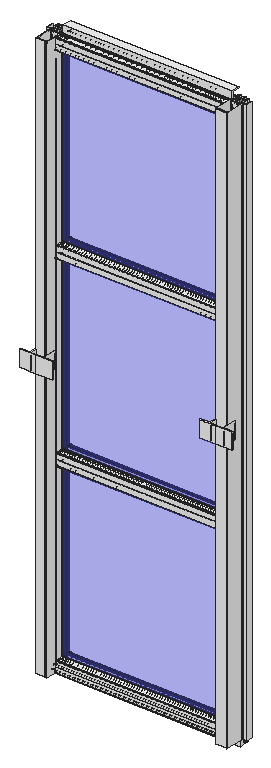
Revit family "Facade_60_Curtain_Wall_I13_Custom", category Windows, host Wall, Revit 2014
Parameters (values of type "F60-I13-Custom")
  Windload Design [instance] = if(Custom Windload < 1001 mm, 1000 mm, if(Custom Windload < 1501 mm, 1500 mm, 2000 mm))  # 1000 mm
  Width [instance] = if(Custom Curtain Wall Width < Limit Door Width Min, Limit Door Width Min, if(Custom Curtain Wall Width > Limit Door Width Max, Limit Door Width Max, Custom Curtain Wall Width))  # 1000 mm
  Wall Thickness [instance] = 200 mm
  Vertical Profile Length [instance] = Height - Frame Bottom Gap  # 2970 mm
  URL = "http://www.crealco.co.za/crealco-products.php"
  Type Comments = ""
  Thermal Resistance (R) [instance] = if(IGDB or SAGDB Number = 100100, 1.0000 (m²·K)/W / Intruderprufe U Value, if(IGDB or SAGDB Number = 100100, 1.0000 (m²·K)/W / Intruderprufe U Value, if(IGDB or SAGDB Number = 105003, 1.0000 (m²·K)/W / Intruderprufe Insulated U Value, if(IGDB or SAGDB Number = 105004, 1.0000 (m²·K)/W / Intruderprufe Insulated LowE U Value, 1.0000 (m²·K)/W / 7.9)))) * 1  # 0.126582 (m²·K)/W
  Thermal Break Material = Plastic, Opaque Black
  Solar Heat Gain Coefficient [instance] = if(IGDB or SAGDB Number = 100100, Intruderprufe SHGC Value, if(IGDB or SAGDB Number = 103200, Intruderprufe LowE SHGC Value, if(IGDB or SAGDB Number = 105003, Intruderprufe Insulated SHGC Value, if(IGDB or SAGDB Number = 105004, Intruderprufe Insulated LowE SHGC Value, 0))))  # 0
  Single Glazing [instance] = if(DG Forced, 1 = 0, not(Double Glazing))  # no
  Sill Height = 85 mm  # constant formula
  SG Forced [instance] = not(DG Forced)  # no
  Quarter Expansion Break = no
  Overall Width [instance] = 1000 mm
  Overall Height [instance] = 3000 mm
  Mullion Configuration = 1 mm  # constant formula
  Model = "Facade 60"
  Transom Vertical Spacing [instance] = (Height - Frame Bottom Gap - (4 mm * 60)) / 3  # 910 mm
  Mid Glazing Bottom Gap [instance] = Frame Bottom Gap + 60 mm + Transom Vertical Spacing + 39.8 mm  # 1039.8 mm
  Max System DG Unit Thickness = 25 mm  # constant formula
  Max System DG One Piece Thickness [instance] = rounddown((Max System DG Unit Thickness - DG Gasket Thickness) / 2 mm) * 1 mm  # 6 mm
  Max Pane Area [instance] = Glazing Width * Glazing Height  # 0.874748 m²
  Manufacturer = "Crealco"
  Limit Door Width Min = Limit Panel Width Min + (2 * Glazing Side Gap)  # 379.6 mm
  Limit Door Width Max = Limit Panel Width Max + (2 * Glazing Side Gap)  # 3079.6 mm
  Limit Door Height Min = (3 * Limit Panel Height Min) + 69.8 mm + (2 mm * 19.6) + 39.8 mm  # 1048.8 mm
  Limit Door Height Max = (3 * Limit Panel Height Max) + 69.8 mm + (2 mm * 19.6) + 39.8 mm  # 18148.8 mm
  Limit Panel Width Min = 300 mm  # constant formula
  Limit Panel Width Max = 3000 mm  # constant formula
  Limit Panel Height Min = 300 mm  # constant formula
  Limit Panel Height Max = 6000 mm  # constant formula
  Sill Length [instance] = Width  # 1000 mm
  Length Sill [instance] = Width  # 1000 mm
  Keynote = ""
  Jamb Width = 60 mm  # constant formula
  Intruderprufe U Value = 0
  Intruderprufe SHGC Value = 0
  Intruderprufe LowE U Value = 0
  Intruderprufe LowE SHGC Value = 0
  Intruderprufe Insulated U Value = 0
  Intruderprufe Insulated SHGC Value = 0
  Intruderprufe Insulated LowE U Value = 0
  Intruderprufe Insulated LowE SHGC Value = 0
  Horizontal Profile Length [instance] = Width - (2 * Jamb Width)  # 880 mm
  Half Expansion Break = no
  Glazing Width [instance] = Horizontal Profile Length + (2 mm * 20.2)  # 920.4 mm
  Glazing Top Gap = 39.8 mm  # constant formula
  Glazing Side Gap = 39.8 mm  # constant formula
  Glazing Height [instance] = (Height - Glazing Top Gap - Glazing Bottom Gap - (2 * (60 mm - 20.2 mm - 20.2 mm))) / 3  # 950.4 mm
  Glazing Gap SG [instance] = (14 mm - SG Thickness) / 2  # 5 mm
  Glazing Gap DG [instance] = (28 mm - (DG Thickness + DG Thickness + DG Gasket Thickness)) / 2  # 4 mm
  Glazing Bottom Gap = 69.8 mm  # constant formula
  Frame Thickness = 101.8 mm  # constant formula
  Frame Bottom Gap = 30 mm  # constant formula
  Door Leaf Height [instance] = 2050 mm
  Double Glazing [instance] = yes
  DG Thickness Calc [instance] = if(not(Max Pane Area > 1.125 m²), 4 mm, if(not(Max Pane Area > 2.25 m²), 4 mm, if(not(Max Pane Area > 3.15 m²), 5 mm, if(not(Max Pane Area > 4.35 m²), 6 mm, if(not(Max Pane Area > 6.45 m²), 8 mm, 10 mm)))))  # 4 mm
  DG Thickness [instance] = if(IGDB or SAGDB Number = 105003, 6 mm, if(IGDB or SAGDB Number = 105004, 7 mm, if(DG Thickness Calc > Max System DG One Piece Thickness, Max System DG One Piece Thickness, DG Thickness Calc)))  # 4 mm
  DG Gasket Thickness = 12 mm  # constant formula
  DG Gasket Finish [instance] = Double Glazing Gasket Material
  DG Forced [instance] = if(IGDB or SAGDB Number = 100100, 1 = 0, if(IGDB or SAGDB Number = 103200, 1 = 0, if(IGDB or SAGDB Number = 105003, 1 = 1, if(IGDB or SAGDB Number = 105004, 1 = 1, Double Glazing))))  # yes
  IGDB or SAGDB Number [instance] = 0
  Height [instance] = if(Custom Curtain Wall Height < Limit Door Height Min, Limit Door Height Min, if(Custom Curtain Wall Height > Limit Door Height Max, Limit Door Height Max, Custom Curtain Wall Height))  # 3000 mm
  Heat Transfer Coefficient (U) [instance] = if(IGDB or SAGDB Number = 100100, Intruderprufe U Value, if(IGDB or SAGDB Number = 103200, Intruderprufe LowE U Value, if(IGDB or SAGDB Number = 105003, Intruderprufe Insulated U Value, if(IGDB or SAGDB Number = 105004, Intruderprufe Insulated LowE U Value, 7.9)))) * 1.0000 W/(m²·K)  # 7.9000 W/(m²·K)
  SG Thickness [instance] = if(IGDB or SAGDB Number = 100100, 6 mm, if(IGDB or SAGDB Number = 103200, 7 mm, if(not(Max Pane Area > 0.75 m²), 4 mm, if(not(Max Pane Area > 1.50 m²), 4 mm, if(not(Max Pane Area > 2.10 m²), 5 mm, if(not(Max Pane Area > 2.90 m²), 6.4 mm, if(not(Max Pane Area > 4.30 m²), 8 mm, 10 mm)))))))  # 4 mm
  Glazing Material [instance] = if(IGDB or SAGDB Number = 100100, "PFG INTRUDERPRUFE 6.38mm", if(IGDB or SAGDB Number = 103200, "PFG INTRUDERPRUFE LOW-E 7.38mm", if(IGDB or SAGDB Number = 105003, "PFG 25mm INTRUDERPRUFE INSULATED GLASS", if(IGDB or SAGDB Number = 105004, "PFG 25mm INTRUDERPRUFE INSULATED GLASS LOW-E", "Unknown"))))  # "Unknown"
  Glazing Finish [instance] = Glass
  Glazing Code [instance] = if(IGDB or SAGDB Number = 100100, "LAM01", if(IGDB or SAGDB Number = 103200, "LAM01E", if(IGDB or SAGDB Number = 105003, "IGU25", if(IGDB or SAGDB Number = 105004, "IGU25E", "Unknown"))))  # "Unknown"
  Frame Offset [instance] = if([100mm Mullion], 130 mm, if([160mm Mullion], 160 mm, 190 mm))  # 130 mm
  Description = "Curtain Wall, I13"
  Default Sill Height = 0 mm
  Wall Closure = By host
  Custom Curtain Wall Width [instance] = 1000 mm
  Custom Curtain Wall Height [instance] = 3000 mm
  Custom Windload [instance] = 1000 mm
  Custom Anchor Height [instance] = 0 mm
  Anchor Height [instance] = if(or(Custom Anchor Height < 42.5 mm, Custom Anchor Height > (Height - 42.5 mm)), (Height / 2) - 42.5 mm, Custom Anchor Height - 42.5 mm)  # 1457.5 mm
  Aluminium Finish [instance] = White Powder Coated Aluminium ANP 1052
  All Available Glazing Numbers [instance] = "The rows below list the available glazing materials for this window:"  # constant formula
  190mm Mullion = if(Mullion Configuration = 3 mm, 1 = 1, 1 = 0)  # no
  160mm Mullion = if(Mullion Configuration = 2 mm, 1 = 1, 1 = 0)  # no
  105004 [instance] = "IGU25E"  # constant formula
  105003 [instance] = "IGU25"  # constant formula
  103200 [instance] = "LAM01E"  # constant formula
  100mm Mullion = if(or(Mullion Configuration = 2 mm, Mullion Configuration = 3 mm), 1 = 0, 1 = 1)  # yes
  100100 [instance] = "LAM01"  # constant formula
Reference planes
  plane 1 "Center (Front/Back)": y = 0
  plane 2 "Center (Left/Right)": x = 0
  plane 3 "Left": x = -500
  plane 4 "Right": x = 500
  plane 5 "Sill": z = 0
  plane 6 "Head": z = 3000
  plane 7 "Exterior": y = 100
  plane 8 "Interior": y = -100
Lines and regions (mm)
  Opening 1
    outline origin (3507.082, -100, 0) x (1, 0, 0) y (0, 0, 1)
      loop
        line (-3007.082, 0) -> (-3007.082, 3000) -> (-4007.082, 3000) -> (-4007.082, 0) -> (-3007.082, 0)
Text (mm)
  text "EXTERIOR" at (-1963.203, 1332.353, 0), in view "Ref. Level"
  text "INTERIOR" at (-1981.466, -818.386, 0), in view "Ref. Level"
  text "Exterior" at (0, 923.751, 2943.296), in view "Right"
  text "Exterior" at (0, 1040.484, 2685.409), in view "Left"
Dimensions and locks
  equal spacing: plane 3 "Left", plane 2 "Center (Left/Right)", plane 4 "Right"
  "Width": plane 3 "Left" to plane 4 "Right"
  "Height": plane 5 "Sill" to plane 6 "Head"
  "Default Sill Height": plane 5 "Sill" to level
  locked: plane 7 "Exterior" to host wall at 0
  locked: plane 8 "Interior" to host wall
  "Overall Height": plane 6 "Head" to plane 5 "Sill"
  "Overall Width": plane 3 "Left" to plane 4 "Right"
  "Wall Thickness": host wall to host wall
  "Jamb Width": nested 3 to plane 4 "Right"
  "Jamb Width": nested 5 to plane 4 "Right"
  "Frame Bottom Gap": nested 5 to level
  "Glazing Side Gap": nested 6 to plane 4 "Right"
  "Glazing Top Gap": nested 6 to plane 6 "Head"
  "Glazing Gap SG": nested 6 to nested 1
  "Glazing Side Gap": nested 7 to plane 4 "Right"
  "Glazing Top Gap": nested 7 to plane 6 "Head"
  "Glazing Gap DG": nested 7 to nested 1
  "Jamb Width": nested 8 to plane 4 "Right"
  "Glazing Side Gap": nested 9 to plane 4 "Right"
  "Glazing Side Gap": nested 10 to plane 4 "Right"
  "Glazing Gap SG": nested 10 to nested 1
  "Glazing Gap DG": nested 9 to nested 1
  "Glazing Bottom Gap": nested 9 to level
  "Glazing Bottom Gap": nested 10 to level
  locked: nested 1 to nested 5 at 8.887
  "Transom Vertical Spacing": nested 8 to nested 5
  "Jamb Width": nested 11 to plane 4 "Right"
  "Transom Vertical Spacing": nested 11 to nested 8
  "Glazing Side Gap": nested 12 to plane 4 "Right"
  "Glazing Side Gap": nested 13 to plane 4 "Right"
  "Glazing Gap SG": nested 13 to nested 1
  "Glazing Gap DG": nested 12 to nested 1
  "Mid Glazing Bottom Gap": nested 12 to level
  "Mid Glazing Bottom Gap": nested 13 to level
  "Frame Offset": plane 8 "Interior" to nested 1
  "Anchor Height": nested 14 to level
  "Anchor Height": nested 15 to level
  aligned and locked: plane 4 "Right" to nested 1
  aligned and locked: nested 1 to plane 6 "Head"
  aligned and locked: plane 3 "Left" to nested 2
  aligned and locked: plane 6 "Head" to nested 2
  aligned and locked: nested 3 to plane 6 "Head"
  aligned and locked: nested 1 to nested 3
  aligned and locked: nested 4 to level
  aligned and locked: plane 4 "Right" to nested 4
  aligned and locked: nested 1 to nested 2
  aligned and locked: nested 5 to nested 4
  aligned and locked: nested 8 to nested 3
  aligned and locked: nested 11 to nested 3
  aligned and locked: plane 4 "Right" to nested 15
  aligned and locked: plane 8 "Interior" to nested 15
  aligned and locked: nested 14 to nested 2
  aligned and locked: plane 8 "Interior" to nested 14
Automatic sketch dimensions
  plane 3 "Left" to Opening 1 sketch curve = 0 mm
  plane 4 "Right" to Opening 1 sketch curve = 0 mm
  Opening 1 sketch curve to plane 5 "Sill" = 0 mm
  Opening 1 sketch curve to plane 6 "Head" = 0 mm
Nested families
  nested 1: "F60 Vertical Profile Side_I13_Cust" at (500, 35.2, 30) x (-1, 0, 0) z (0, 0, 1), Thermal Break Material <- "Thermal Break Material", Profile Material <- "Aluminium Finish", Length <- "Vertical Profile Length", Single Glazing <- "SG Forced", Double Glazing <- "DG Forced", 100mm Mullion <- "100mm Mullion", 160mm Mullion <- "160mm Mullion", 190mm Mullion <- "190mm Mullion", Quarter Expansion Break <- "Quarter Expansion Break", Half Expansion Break <- "Half Expansion Break", type "F60 Vertical Profile Side_I13_Cust"
    with Thermal Break Material Plastic, Opaque Black, Single Glazing no, Quarter SG Expansion Break no, Quarter Length 742.5 mm, Quarter Expansion Break no, Quarter DG Expansion Break no, Quarter 190mm Expansion Break no, Quarter 160mm Expansion Break no, Quarter 100mm Expansion Break no, Profile Material White Powder Coated Aluminium ANP 1052, Length 2970 mm, Half SG Expansion Break no, Half Length 1485 mm, Half Expansion Break no, Half DG Expansion Break no, Half 190mm Expansion Joint no, Half 160mm Expansion Break no, Half 100mm Expansion Break no, Double Glazing yes, 190mm Mullion no, 160mm Mullion no, 100mm Mullion yes
  nested 2: "F60 Vertical Profile Side_I13_Cust" at (-500, 35.2, 30), Thermal Break Material <- "Thermal Break Material", Profile Material <- "Aluminium Finish", Length <- "Vertical Profile Length", Single Glazing <- "SG Forced", Double Glazing <- "DG Forced", 100mm Mullion <- "100mm Mullion", 160mm Mullion <- "160mm Mullion", 190mm Mullion <- "190mm Mullion", Quarter Expansion Break <- "Quarter Expansion Break", Half Expansion Break <- "Half Expansion Break", type "F60 Vertical Profile Side_I13_Cust"
    with Thermal Break Material Plastic, Opaque Black, Single Glazing no, Quarter SG Expansion Break no, Quarter Length 742.5 mm, Quarter Expansion Break no, Quarter DG Expansion Break no, Quarter 190mm Expansion Break no, Quarter 160mm Expansion Break no, Quarter 100mm Expansion Break no, Profile Material White Powder Coated Aluminium ANP 1052, Length 2970 mm, Half SG Expansion Break no, Half Length 1485 mm, Half Expansion Break no, Half DG Expansion Break no, Half 190mm Expansion Joint no, Half 160mm Expansion Break no, Half 100mm Expansion Break no, Double Glazing yes, 190mm Mullion no, 160mm Mullion no, 100mm Mullion yes
  nested 3: "F60 Horizontal Profile Top_I13_Cust" at (440, -14.6, 2940) x (-1, 0, 0) z (0, 0, 1), Thermal Break Material <- "Thermal Break Material", Profile Material <- "Aluminium Finish", Length <- "Horizontal Profile Length", Single Glazing <- "SG Forced", Double Glazing <- "DG Forced", type "F60 Horizontal Profile Top_I13_Cust"
    with Thermal Break Material Plastic, Opaque Black, Single Glazing no, Profile Material White Powder Coated Aluminium ANP 1052, Length 880 mm, Double Glazing yes
  nested 4: "F60 Sill_I13_Cust" at (500, 22.771, -1.88) x (-1, 0, 0) z (0, 0, 1), Profile Material <- "Aluminium Finish", Length Sill <- "Length Sill", type "F60 Sill_I13_Cust"
    with Profile Material White Powder Coated Aluminium ANP 1052, Length Sill 1000 mm
  nested 5: "F60 Horizontal Profile Bottom_I13_Cust" at (440, -14.6, 30) x (-1, 0, 0) z (0, 0, 1), Thermal Break Material <- "Thermal Break Material", Profile Material <- "Aluminium Finish", Length <- "Horizontal Profile Length", Single Glazing <- "SG Forced", Double Glazing <- "DG Forced", type "F60 Horizontal Profile Bottom_I13_Cust"
    with Thermal Break Material Plastic, Opaque Black, Single Glazing no, Profile Material White Powder Coated Aluminium ANP 1052, Length 880 mm, Double Glazing yes
  nested 6: "F60_Single_Glazing_I13_Cust" at (460.2, 44.2, 2009.8), Glazing Width <- "Glazing Width", Glazing Height <- "Glazing Height", SG Thickness <- "SG Thickness", Glazing Finish <- "Glazing Finish", visible <- "SG Forced", type "F60_Single_Glazing_I13_Cust"
    with SG Thickness 4 mm, Glazing Width 920.4 mm, Glazing Height 950.4 mm, Glazing Finish Glass
  nested 7: "F60_Double_Glazing_I13_Cust" at (460.2, 59.2, 2009.8), Glazing Material <- "Glazing Finish", Double Glazing Gasket Material <- "DG Gasket Finish", Glazing Width <- "Glazing Width", Glazing Height <- "Glazing Height", Glazing Thickness DG <- "DG Thickness", Double Glazing Gasket Thickness <- "DG Gasket Thickness", visible <- "DG Forced", type "F60_Double_Glazing_I13_Cust"
    with Glazing Width 920.4 mm, Glazing Thickness DG 4 mm, Glazing Material Glass, Glazing Height 950.4 mm, Double Glazing Gasket Thickness 12 mm, Double Glazing Gasket Material Double Glazing Gasket Material
  nested 8: "F60 Horizontal Profile Middle_I13_Cust" at (440, -14.6, 1000) x (-1, 0, 0) z (0, 0, 1), Thermal Break Material <- "Thermal Break Material", Profile Material <- "Aluminium Finish", Length <- "Horizontal Profile Length", Single Glazing <- "SG Forced", Double Glazing <- "DG Forced", type "F60 Horizontal Profile Middle_I13_Cust"
    with Thermal Break Material Plastic, Opaque Black, Single Glazing no, Profile Material White Powder Coated Aluminium ANP 1052, Length 880 mm, Double Glazing yes
  nested 9: "F60_Double_Glazing_I13_Cust" at (460.2, 59.2, 69.8), Glazing Material <- "Glazing Finish", Double Glazing Gasket Material <- "DG Gasket Finish", Glazing Width <- "Glazing Width", Glazing Height <- "Glazing Height", Glazing Thickness DG <- "DG Thickness", Double Glazing Gasket Thickness <- "DG Gasket Thickness", visible <- "DG Forced", type "F60_Double_Glazing_I13_Cust"
    with Glazing Width 920.4 mm, Glazing Thickness DG 4 mm, Glazing Material Glass, Glazing Height 950.4 mm, Double Glazing Gasket Thickness 12 mm, Double Glazing Gasket Material Double Glazing Gasket Material
  nested 10: "F60_Single_Glazing_I13_Cust" at (460.2, 44.2, 69.8), Glazing Width <- "Glazing Width", Glazing Height <- "Glazing Height", SG Thickness <- "SG Thickness", Glazing Finish <- "Glazing Finish", visible <- "SG Forced", type "F60_Single_Glazing_I13_Cust"
    with SG Thickness 4 mm, Glazing Width 920.4 mm, Glazing Height 950.4 mm, Glazing Finish Glass
  nested 11: "F60 Horizontal Profile Middle_I13_Cust" at (440, -14.6, 1970) x (-1, 0, 0) z (0, 0, 1), Thermal Break Material <- "Thermal Break Material", Profile Material <- "Aluminium Finish", Length <- "Horizontal Profile Length", Single Glazing <- "SG Forced", Double Glazing <- "DG Forced", type "F60 Horizontal Profile Middle_I13_Cust"
    with Thermal Break Material Plastic, Opaque Black, Single Glazing no, Profile Material White Powder Coated Aluminium ANP 1052, Length 880 mm, Double Glazing yes
  nested 12: "F60_Double_Glazing_I13_Cust" at (460.2, 59.2, 1039.8), Glazing Material <- "Glazing Finish", Double Glazing Gasket Material <- "DG Gasket Finish", Glazing Width <- "Glazing Width", Glazing Height <- "Glazing Height", Glazing Thickness DG <- "DG Thickness", Double Glazing Gasket Thickness <- "DG Gasket Thickness", visible <- "DG Forced", type "F60_Double_Glazing_I13_Cust"
    with Glazing Width 920.4 mm, Glazing Thickness DG 4 mm, Glazing Material Glass, Glazing Height 950.4 mm, Double Glazing Gasket Thickness 12 mm, Double Glazing Gasket Material Double Glazing Gasket Material
  nested 13: "F60_Single_Glazing_I13_Cust" at (460.2, 44.2, 1039.8), Glazing Width <- "Glazing Width", Glazing Height <- "Glazing Height", SG Thickness <- "SG Thickness", Glazing Finish <- "Glazing Finish", visible <- "SG Forced", type "F60_Single_Glazing_I13_Cust"
    with SG Thickness 4 mm, Glazing Width 920.4 mm, Glazing Height 950.4 mm, Glazing Finish Glass
  nested 14: "F60 Intermediate Anchor_I13_Cust" at (-577.715, -189.531, 1457.5), Profile Material <- "Aluminium Finish", type "F60 Intermediate Anchor_I13_Cust"
    with Profile Material White Powder Coated Aluminium ANP 1052
  nested 15: "F60 Intermediate Anchor_I13_Cust" at (360.297, -189.531, 1457.5), Profile Material <- "Aluminium Finish", type "F60 Intermediate Anchor_I13_Cust"
    with Profile Material White Powder Coated Aluminium ANP 1052
Definition of nested family "F60 Vertical Profile Side_I13_Cust"
  Parameters (values of type "F60 Vertical Profile Side")
    Quarter SG Expansion Break [instance] = if(and(Quarter Expansion Break, Single Glazing), 1 = 1, 1 = 0)  # yes
    Quarter Length [instance] = Length / 4  # 62.5 mm
    Thermal Break Material [instance] = none
    Single Glazing [instance] = yes
    Quarter Expansion Break [instance] = yes
    Quarter DG Expansion Break [instance] = if(and(Quarter Expansion Break, Double Glazing), 1 = 1, 1 = 0)  # yes
    Quarter 190mm Expansion Break [instance] = if(and(Quarter Expansion Break, [190mm Mullion]), 1 = 1, 1 = 0)  # yes
    Quarter 160mm Expansion Break [instance] = if(and(Quarter Expansion Break, [160mm Mullion]), 1 = 1, 1 = 0)  # yes
    Quarter 100mm Expansion Break [instance] = if(and(Quarter Expansion Break, [100mm Mullion]), 1 = 1, 1 = 0)  # yes
    Profile Material [instance] = none
    Length [instance] = 250 mm
    Half SG Expansion Break [instance] = if(and(Half Expansion Break, Single Glazing), 1 = 1, 1 = 0)  # yes
    Half Length [instance] = Length / 2  # 125 mm
    Half Expansion Break [instance] = yes
    Half DG Expansion Break [instance] = if(and(Half Expansion Break, Double Glazing), 1 = 1, 1 = 0)  # yes
    Half 190mm Expansion Joint [instance] = if(and(Half Expansion Break, [190mm Mullion]), 1 = 1, 1 = 0)  # yes
    Half 160mm Expansion Break [instance] = if(and(Half Expansion Break, [160mm Mullion]), 1 = 1, 1 = 0)  # yes
    Half 100mm Expansion Break [instance] = if(and(Half Expansion Break, [100mm Mullion]), 1 = 1, 1 = 0)  # yes
    Double Glazing [instance] = yes
    190mm Mullion [instance] = yes
    160mm Mullion [instance] = yes
    100mm Mullion [instance] = yes
  Reference planes
    plane 1 "Center (Front/Back)": y = 0
    plane 2: z = 0
    plane 3 "Center (Left/Right)": x = 0
  Forms (mm)
    Extrusion 1, solid, material <- "Profile Material"
      sketch origin (0, 0, 0) x (1, 0, 0) y (0, 1, 0)
        loop
          arc (25.249, -8.7) -> (25.484, -9.266) -> (26.049, -9.5) r 0.8
          line (26.049, -9.5) -> (27.1, -9.5) -> (27.1, 7) -> (32.902, 7) -> (32.902, -9.5) -> (33.951, -9.5)
          arc (33.951, -9.5) -> (34.516, -9.266) -> (34.751, -8.7) r 0.8
          line (34.751, -8.7) -> (34.751, 6.2)
          arc (34.751, 6.2) -> (34.985, 6.766) -> (35.551, 7) r 0.8
          line (35.551, 7) -> (52.1, 7) -> (52.1, 5.4) -> (50.55, 5.4) -> (50.55, 4.55)
          arc (50.55, 4.55) -> (50.726, 4.126) -> (51.15, 3.95) r 0.6
          line (51.15, 3.95) -> (52.1, 3.95) -> (52.1, 1)
          arc (52.1, 1) -> (51.6, 0.5) -> (52.1, 0) r 0.5
          line (52.1, 0) -> (54.45, 0) -> (54.45, 1.15) -> (53.3, 1.15) -> (53.3, 2.45) -> (58.8, 2.45) -> (58.8, 1.15) -> (57.65, 1.15) -> (57.65, 0) -> (59.5, 0)
          arc (59.5, 0) -> (59.854, 0.146) -> (60, 0.5) r 0.5
          line (60, 0.5) -> (60, 3.9) -> (53.55, 3.9) -> (53.55, 7.6)
          arc (53.55, 7.6) -> (53.316, 8.166) -> (52.75, 8.4) r 0.8
          line (52.75, 8.4) -> (30, 8.4) -> (7.25, 8.4)
          arc (7.25, 8.4) -> (6.684, 8.166) -> (6.45, 7.6) r 0.8
          line (6.45, 7.6) -> (6.45, 3.9) -> (0, 3.9) -> (0, 0.5)
          arc (0, 0.5) -> (0.146, 0.146) -> (0.5, 0) r 0.5
          line (0.5, 0) -> (2.35, 0) -> (2.35, 1.15) -> (1.2, 1.15) -> (1.2, 2.45) -> (6.7, 2.45) -> (6.7, 1.15) -> (5.55, 1.15) -> (5.55, 0) -> (7.9, 0)
          arc (7.9, 0) -> (8.4, 0.5) -> (7.9, 1) r 0.5
          line (7.9, 1) -> (7.9, 3.95) -> (8.85, 3.95)
          arc (8.85, 3.95) -> (9.274, 4.126) -> (9.45, 4.55) r 0.6
          line (9.45, 4.55) -> (9.45, 5.4) -> (7.9, 5.4) -> (7.9, 7) -> (24.449, 7)
          arc (24.449, 7) -> (25.015, 6.766) -> (25.249, 6.2) r 0.8
          line (25.249, 6.2) -> (25.249, -8.7)
      from 0 to 250 <- "Length"
    Extrusion 2, solid, material <- "Thermal Break Material"
      sketch origin (0, 0, 0) x (1, 0, 0) y (0, 1, 0)
        loop
          line (1.75, 9.8) -> (1.75, 5.2) -> (0, 5.2) -> (0, 3.9) -> (6.35, 3.9) -> (6.35, 7.856)
          arc (6.35, 7.856) -> (6.526, 8.281) -> (6.95, 8.456) r 0.6
          line (6.95, 8.456) -> (30, 8.456) -> (53.05, 8.456)
          arc (53.05, 8.456) -> (53.474, 8.281) -> (53.65, 7.856) r 0.6
          line (53.65, 7.856) -> (53.65, 3.9) -> (60, 3.9) -> (60, 5.2) -> (58.25, 5.2) -> (58.25, 9.8) -> (30, 9.8) -> (1.75, 9.8)
      from 0 to 250 <- "Length"
    Extrusion 3, solid, material <- "Thermal Break Material", visible <- "Single Glazing"
      sketch origin (0, 0, 0) x (1, 0, 0) y (0, 1, 0)
        loop
          line (25.749, -14.011) -> (27.672, -14.011) -> (28.481, -12.611) -> (31.518, -12.611) -> (32.327, -14.011) -> (34.249, -14.011)
          arc (34.249, -14.011) -> (34.603, -13.864) -> (34.749, -13.511) r 0.5
          line (34.749, -13.511) -> (34.749, -10.011)
          arc (34.749, -10.011) -> (34.603, -9.657) -> (34.249, -9.511) r 0.5
          line (34.249, -9.511) -> (32.352, -9.511) -> (32.352, 0.19) -> (31.349, 2.261)
          arc (31.349, 2.261) -> (29.999, 2.986) -> (28.649, 2.261) r 1.62
          line (28.649, 2.261) -> (27.647, 0.19) -> (27.647, -9.511) -> (25.749, -9.511)
          arc (25.749, -9.511) -> (25.396, -9.657) -> (25.249, -10.011) r 0.5
          line (25.249, -10.011) -> (25.249, -13.511)
          arc (25.249, -13.511) -> (25.396, -13.864) -> (25.749, -14.011) r 0.5
        loop
          line (28.504, -10.005) -> (28.504, -10.861)
          arc (28.504, -10.861) -> (28.651, -11.214) -> (29.004, -11.361) r 0.5
          line (29.004, -11.361) -> (30.994, -11.361)
          arc (30.994, -11.361) -> (31.348, -11.214) -> (31.494, -10.861) r 0.5
          line (31.494, -10.861) -> (31.494, -10.005) -> (30.708, -9.219)
          arc (30.708, -9.219) -> (30.383, -9.001) -> (29.999, -8.924) r 1.007
          arc (29.999, -8.924) -> (29.616, -8.999) -> (29.292, -9.217) r 0.986
          line (29.292, -9.217) -> (28.504, -10.005)
        loop
          arc (30.896, 1.935) -> (29.887, 2.44) -> (29.005, 1.735) r 1.047
          line (29.005, 1.735) -> (28.347, 0.374) -> (28.347, -6.993)
          arc (28.347, -6.993) -> (28.583, -7.417) -> (29.068, -7.441) r 0.5
          arc (29.068, -7.441) -> (29.999, -7.223) -> (30.93, -7.441) r 2.099
          arc (30.93, -7.441) -> (31.416, -7.417) -> (31.652, -6.993) r 0.5
          line (31.652, -6.993) -> (31.652, 0.374) -> (30.896, 1.935)
      from 0 to 250 <- "Length"
    Extrusion 4, solid, material <- "Profile Material", visible <- "Single Glazing"
      sketch origin (0, 0, 0) x (1, 0, 0) y (0, 1, 0)
        loop
          line (52.693, -14.011) -> (32.327, -14.011) -> (31.519, -12.611) -> (28.481, -12.611) -> (27.673, -14.011) -> (7.307, -14.011) -> (7.307, -15.011) -> (8.457, -15.011) -> (8.457, -16.261) -> (2.957, -16.261) -> (2.957, -15.011) -> (4.107, -15.011) -> (4.107, -14.011) -> (1.707, -14.011)
          arc (1.707, -14.011) -> (1.199, -14.293) -> (1.168, -14.873) r 0.6
          line (1.168, -14.873) -> (2.093, -16.772) -> (1.015, -17.298) -> (1.484, -18.261) -> (11.488, -18.261)
          arc (11.488, -18.261) -> (11.913, -18.085) -> (12.088, -17.661) r 0.6
          line (12.088, -17.661) -> (12.088, -16.811) -> (47.912, -16.811) -> (47.912, -17.661)
          arc (47.912, -17.661) -> (48.088, -18.085) -> (48.512, -18.261) r 0.6
          line (48.512, -18.261) -> (58.518, -18.261) -> (58.987, -17.298) -> (57.908, -16.772) -> (58.834, -14.874)
          arc (58.834, -14.874) -> (58.802, -14.293) -> (58.293, -14.011) r 0.6
          line (58.293, -14.011) -> (55.893, -14.011) -> (55.893, -15.011) -> (57.043, -15.011) -> (57.043, -16.261) -> (51.543, -16.261) -> (51.543, -15.011) -> (52.693, -15.011) -> (52.693, -14.011)
      from 0 to 250 <- "Length"
    Extrusion 5, solid, material <- "Profile Material", visible <- "Single Glazing"
      sketch origin (0, 0, 0) x (1, 0, 0) y (0, 1, 0)
        loop
          line (2.801, -18.261) -> (1.484, -18.261) -> (1.015, -17.298) -> (2.093, -16.772) -> (0.779, -14.076)
          arc (0.779, -14.076) -> (0.239, -14.21) -> (0.001, -14.713) r 0.65
          line (0.001, -14.713) -> (0.001, -28.068)
          arc (0.001, -28.068) -> (1.172, -30.897) -> (4.001, -32.068) r 4
          line (4.001, -32.068) -> (30.001, -32.068) -> (56.001, -32.068)
          arc (56.001, -32.068) -> (58.829, -30.897) -> (60.001, -28.068) r 4
          line (60.001, -28.068) -> (60.001, -14.713)
          arc (60.001, -14.713) -> (59.763, -14.21) -> (59.223, -14.076) r 0.65
          line (59.223, -14.076) -> (57.908, -16.772) -> (58.987, -17.298) -> (58.518, -18.261) -> (57.201, -18.261)
          arc (57.201, -18.261) -> (56.83, -18.425) -> (56.703, -18.811) r 0.5
          arc (56.703, -18.811) -> (56.83, -19.196) -> (57.201, -19.361) r 0.5
          line (57.201, -19.361) -> (58.951, -19.361) -> (58.951, -27.968)
          arc (58.951, -27.968) -> (58.131, -29.948) -> (56.151, -30.768) r 2.8
          line (56.151, -30.768) -> (30.001, -30.768) -> (3.851, -30.768)
          arc (3.851, -30.768) -> (1.871, -29.948) -> (1.051, -27.968) r 2.8
          line (1.051, -27.968) -> (1.051, -19.361) -> (2.801, -19.361)
          arc (2.801, -19.361) -> (3.172, -19.196) -> (3.298, -18.811) r 0.5
          arc (3.298, -18.811) -> (3.172, -18.425) -> (2.801, -18.261) r 0.5
      from 0 to 250 <- "Length"
    Extrusion 6, solid, material <- "Profile Material", visible <- "100mm Mullion"
      sketch origin (0, 0, 0) x (1, 0, 0) y (0, 1, 0)
        loop
          line (14.02, 13) -> (45.98, 13)
          arc (45.98, 13) -> (46.539, 12.842) -> (46.917, 12.4) r 1
          arc (46.917, 12.4) -> (47.285, 11.963) -> (47.833, 11.8) r 1
          line (47.833, 11.8) -> (58.15, 11.8) -> (58.15, 96.3) -> (47.833, 96.3)
          arc (47.833, 96.3) -> (47.285, 96.137) -> (46.917, 95.7) r 1
          arc (46.917, 95.7) -> (46.548, 95.263) -> (46, 95.1) r 1
          line (46, 95.1) -> (14, 95.1)
          arc (14, 95.1) -> (13.452, 95.263) -> (13.083, 95.7) r 1
          arc (13.083, 95.7) -> (12.715, 96.137) -> (12.167, 96.3) r 1
          line (12.167, 96.3) -> (1.85, 96.3) -> (1.85, 11.8) -> (12.167, 11.8)
          arc (12.167, 11.8) -> (12.715, 11.963) -> (13.083, 12.4) r 1
          arc (13.083, 12.4) -> (13.461, 12.842) -> (14.02, 13) r 1
        loop
          line (1.65, 9.856) -> (58.35, 9.856) -> (58.35, 5.2) -> (60, 5.2) -> (60, 98.8)
          arc (60, 98.8) -> (59.707, 99.507) -> (59, 99.8) r 1
          line (59, 99.8) -> (1, 99.8)
          arc (1, 99.8) -> (0.293, 99.507) -> (0, 98.8) r 1
          line (0, 98.8) -> (0, 5.2) -> (1.65, 5.2) -> (1.65, 9.856)
      from 0 to 250 <- "Length"
    Extrusion 7, solid, material <- "Profile Material", visible <- "160mm Mullion"
      sketch origin (0, 0, 0) x (1, 0, 0) y (0, 1, 0)
        loop
          arc (2.35, 15.6) -> (2.526, 15.176) -> (2.95, 15) r 0.6
          line (2.95, 15) -> (57.05, 15)
          arc (57.05, 15) -> (57.474, 15.176) -> (57.65, 15.6) r 0.6
          line (57.65, 15.6) -> (57.65, 153.7)
          arc (57.65, 153.7) -> (57.474, 154.124) -> (57.05, 154.3) r 0.6
          line (57.05, 154.3) -> (47.833, 154.3)
          arc (47.833, 154.3) -> (47.285, 154.137) -> (46.917, 153.7) r 1
          arc (46.917, 153.7) -> (46.548, 153.263) -> (46, 153.1) r 1
          line (46, 153.1) -> (14, 153.1)
          arc (14, 153.1) -> (13.452, 153.263) -> (13.083, 153.7) r 1
          arc (13.083, 153.7) -> (12.715, 154.137) -> (12.167, 154.3) r 1
          line (12.167, 154.3) -> (2.95, 154.3)
          arc (2.95, 154.3) -> (2.526, 154.124) -> (2.35, 153.7) r 0.6
          line (2.35, 153.7) -> (2.35, 15.6)
        loop
          arc (1, 159.8) -> (0.293, 159.507) -> (0, 158.8) r 1
          line (0, 158.8) -> (0, 5.2) -> (1.65, 5.2) -> (1.65, 10.013) -> (58.35, 10.013) -> (58.35, 5.2) -> (60, 5.2) -> (60, 158.8)
          arc (60, 158.8) -> (59.707, 159.507) -> (59, 159.8) r 1
          line (59, 159.8) -> (1, 159.8)
      from 0 to 250 <- "Length"
    Extrusion 8, solid, material <- "Profile Material", visible <- "190mm Mullion"
      sketch origin (0, 0, 0) x (1, 0, 0) y (0, 1, 0)
        loop
          line (57.25, 15.1) -> (57.25, 178.3)
          arc (57.25, 178.3) -> (56.957, 179.007) -> (56.25, 179.3) r 1
          line (56.25, 179.3) -> (3.75, 179.3)
          arc (3.75, 179.3) -> (3.043, 179.007) -> (2.75, 178.3) r 1
          line (2.75, 178.3) -> (2.75, 15.1)
          arc (2.75, 15.1) -> (2.984, 14.534) -> (3.55, 14.3) r 0.8
          line (3.55, 14.3) -> (56.45, 14.3)
          arc (56.45, 14.3) -> (57.016, 14.534) -> (57.25, 15.1) r 0.8
        loop
          line (60, 5.2) -> (60, 188.8)
          arc (60, 188.8) -> (59.707, 189.507) -> (59, 189.8) r 1
          line (59, 189.8) -> (1, 189.8)
          arc (1, 189.8) -> (0.293, 189.507) -> (0, 188.8) r 1
          line (0, 188.8) -> (0, 5.2) -> (1.65, 5.2) -> (1.65, 9.856) -> (58.35, 9.856) -> (58.35, 5.2) -> (60, 5.2)
      from 0 to 250 <- "Length"
    Extrusion 9, solid, material <- "Thermal Break Material", visible <- "Double Glazing"
      sketch origin (0, 0, 0) x (1, 0, 0) y (0, 1, 0)
        loop
          line (27.672, -28) -> (28.48, -26.6) -> (31.518, -26.6) -> (32.326, -28) -> (34.249, -28)
          arc (34.249, -28) -> (34.603, -27.854) -> (34.749, -27.5) r 0.5
          line (34.749, -27.5) -> (34.749, -10)
          arc (34.749, -10) -> (34.603, -9.646) -> (34.249, -9.5) r 0.5
          line (34.249, -9.5) -> (32.352, -9.5) -> (32.352, 0.198) -> (31.348, 2.272)
          arc (31.348, 2.272) -> (29.998, 2.997) -> (28.648, 2.272) r 1.62
          line (28.648, 2.272) -> (27.645, 0.201) -> (27.645, -9.5) -> (25.749, -9.5)
          arc (25.749, -9.5) -> (25.396, -9.646) -> (25.249, -10) r 0.5
          line (25.249, -10) -> (25.249, -27.5)
          arc (25.249, -27.5) -> (25.396, -27.854) -> (25.749, -28) r 0.5
          line (25.749, -28) -> (27.672, -28)
        loop
          arc (30.706, -9.206) -> (30.382, -8.99) -> (29.999, -8.913) r 1.007
          arc (29.999, -8.913) -> (29.616, -8.988) -> (29.292, -9.206) r 0.986
          line (29.292, -9.206) -> (27.142, -11.356)
          arc (27.142, -11.356) -> (26.926, -11.68) -> (26.849, -12.063) r 1
          line (26.849, -12.063) -> (26.849, -24)
          arc (26.849, -24) -> (27.142, -24.707) -> (27.849, -25) r 1
          line (27.849, -25) -> (32.149, -25)
          arc (32.149, -25) -> (32.856, -24.707) -> (33.149, -24) r 1
          line (33.149, -24) -> (33.149, -12.063)
          arc (33.149, -12.063) -> (33.073, -11.68) -> (32.856, -11.356) r 1
          line (32.856, -11.356) -> (30.706, -9.206)
        loop
          arc (28.345, -6.982) -> (28.581, -7.407) -> (29.067, -7.43) r 0.5
          arc (29.067, -7.43) -> (29.998, -7.213) -> (30.929, -7.43) r 2.099
          arc (30.929, -7.43) -> (31.414, -7.407) -> (31.651, -6.982) r 0.5
          line (31.651, -6.982) -> (31.651, 0.385) -> (30.895, 1.946)
          arc (30.895, 1.946) -> (29.885, 2.45) -> (29.004, 1.745) r 1.047
          line (29.004, 1.745) -> (28.345, 0.385) -> (28.345, -6.982)
      from 0 to 250 <- "Length"
    Extrusion 10, solid, material <- "Profile Material", visible <- "Double Glazing"
      sketch origin (0, 0, 0) x (1, 0, 0) y (0, 1, 0)
        loop
          line (52.692, -28) -> (32.327, -28) -> (31.518, -26.6) -> (28.48, -26.6) -> (27.672, -28) -> (7.306, -28) -> (7.306, -29) -> (8.456, -29) -> (8.456, -30.25) -> (2.956, -30.25) -> (2.956, -29) -> (4.106, -29) -> (4.106, -28) -> (1.706, -28)
          arc (1.706, -28) -> (1.198, -28.282) -> (1.167, -28.863) r 0.6
          line (1.167, -28.863) -> (2.093, -30.762) -> (1.014, -31.288) -> (1.483, -32.25) -> (11.488, -32.25)
          arc (11.488, -32.25) -> (11.912, -32.074) -> (12.088, -31.65) r 0.6
          line (12.088, -31.65) -> (12.088, -30.8) -> (47.911, -30.8) -> (47.911, -31.65)
          arc (47.911, -31.65) -> (48.087, -32.074) -> (48.511, -32.25) r 0.6
          line (48.511, -32.25) -> (58.517, -32.25) -> (58.986, -31.288) -> (57.907, -30.762) -> (58.833, -28.864)
          arc (58.833, -28.864) -> (58.801, -28.282) -> (58.292, -28) r 0.6
          line (58.292, -28) -> (55.892, -28) -> (55.892, -29) -> (57.042, -29) -> (57.042, -30.25) -> (51.542, -30.25) -> (51.542, -29) -> (52.692, -29) -> (52.692, -28)
      from 0 to 250 <- "Length"
    Extrusion 11, solid, material <- "Profile Material", visible <- "Double Glazing"
      sketch origin (0, 0, 0) x (1, 0, 0) y (0, 1, 0)
        loop
          line (2.8, -32.25) -> (1.483, -32.25) -> (1.014, -31.288) -> (2.093, -30.762) -> (0.778, -28.065)
          arc (0.778, -28.065) -> (0.238, -28.2) -> (0, -28.702) r 0.65
          line (0, -28.702) -> (0, -42.058)
          arc (0, -42.058) -> (1.172, -44.886) -> (4, -46.058) r 4
          line (4, -46.058) -> (30, -46.058) -> (56, -46.058)
          arc (56, -46.058) -> (58.828, -44.886) -> (60, -42.058) r 4
          line (60, -42.058) -> (60, -28.702)
          arc (60, -28.702) -> (59.762, -28.2) -> (59.222, -28.065) r 0.65
          line (59.222, -28.065) -> (57.907, -30.762) -> (58.986, -31.288) -> (58.517, -32.25) -> (57.2, -32.25)
          arc (57.2, -32.25) -> (56.829, -32.415) -> (56.703, -32.8) r 0.5
          arc (56.703, -32.8) -> (56.829, -33.185) -> (57.2, -33.35) r 0.5
          line (57.2, -33.35) -> (58.95, -33.35) -> (58.95, -41.958)
          arc (58.95, -41.958) -> (58.13, -43.938) -> (56.15, -44.758) r 2.8
          line (56.15, -44.758) -> (30, -44.758) -> (3.85, -44.758)
          arc (3.85, -44.758) -> (1.87, -43.938) -> (1.05, -41.958) r 2.8
          line (1.05, -41.958) -> (1.05, -33.35) -> (2.8, -33.35)
          arc (2.8, -33.35) -> (3.171, -33.185) -> (3.297, -32.8) r 0.5
          arc (3.297, -32.8) -> (3.171, -32.415) -> (2.8, -32.25) r 0.5
      from 0 to 250 <- "Length"
    Extrusion 12, solid, material <- "Profile Material", visible <- "Single Glazing"
      sketch origin (0, 0, 0) x (1, 0, 0) y (0, 1, 0)
        loop
          line (10.403, -10.171) -> (10.403, -3.821) -> (-21.349, -3.821) -> (-21.349, -35.567) -> (-14.999, -35.567) -> (-14.999, -10.171) -> (10.403, -10.171)
      from 0 to 250 <- "Length"
    Extrusion 13, solid, material <- "Profile Material", visible <- "Double Glazing"
      sketch origin (0, 0, 0) x (1, 0, 0) y (0, 1, 0)
        loop
          line (10.402, -7.775) -> (10.402, -1.425) -> (-21.35, -1.425) -> (-21.35, -33.172) -> (-15, -33.172) -> (-15, -7.775) -> (10.402, -7.775)
      from 0 to 250 <- "Length"
    Extrusion 14, solid, material <- "Profile Material", visible <- "Double Glazing"
      sketch origin (0, 0, 0) x (1, 0, 0) y (0, 1, 0)
        loop
          line (12, -7.775) -> (0, -7.775) -> (0, -25.775) -> (12, -25.775) -> (12, -7.775)
        loop
          line (10.8, -8.975) -> (1.2, -8.975) -> (1.2, -24.575) -> (10.8, -24.575) -> (10.8, -8.975)
      from 0 to 250 <- "Length"
  Lines and regions (mm)
    model lines, style "GenericModelHiddenLines", visible <- "Half 100mm Expansion Break"
      curve 1: line (60, 5.2, 125) -> (60, 95.2, 125)
      curve 2: line (60, 99.8, 125) -> (0, 99.8, 125)
      curve 8: line (0, 5.2, 125) -> (0, 95.2, 125)
    model lines, style "GenericModelHiddenLines", visible <- "Quarter 100mm Expansion Break"
      curve 3: line (60, 5.2, 187.5) -> (60, 95.2, 187.5)
      curve 4: line (60, 5.2, 62.5) -> (60, 95.2, 62.5)
      curve 5: line (60, 99.8, 62.5) -> (0, 99.8, 62.5)
      curve 6: line (60, 99.8, 187.5) -> (0, 99.8, 187.5)
      curve 7: line (0, 5.2, 187.5) -> (0, 95.2, 187.5)
      curve 9: line (0, 5.2, 62.5) -> (0, 95.2, 62.5)
    model lines, style "GenericModelHiddenLines", visible <- "Half SG Expansion Break"
      curve 10: line (4.107, -32.068, 125) -> (55.893, -32.068, 125)
      curve 14: line (60.001, -14.011, 125) -> (60.001, -32.068, 125)
    model lines, style "GenericModelHiddenLines", visible <- "Quarter SG Expansion Break"
      curve 11: line (4.107, -32.068, 187.5) -> (56.703, -32.068, 187.5)
      curve 12: line (4.107, -32.068, 62.5) -> (56.703, -32.068, 62.5)
      curve 13: line (60.001, -14.011, 187.5) -> (60.001, -32.068, 187.5)
      curve 15: line (60.001, -14.011, 62.5) -> (60.001, -32.068, 62.5)
    model lines, style "GenericModelHiddenLines", visible <- "Quarter 160mm Expansion Break"
      curve 16: line (0, 5.2, 187.5) -> (0, 155.2, 187.5)
      curve 18: line (0, 5.2, 62.5) -> (0, 155.2, 62.5)
      curve 19: line (0, 159.8, 187.5) -> (60, 159.8, 187.5)
      curve 21: line (0, 159.8, 62.5) -> (60, 159.8, 62.5)
      curve 22: line (60, 5.2, 187.5) -> (60, 155.2, 187.5)
      curve 24: line (60, 5.2, 62.5) -> (60, 155.2, 62.5)
    model lines, style "GenericModelHiddenLines", visible <- "Half 160mm Expansion Break"
      curve 17: line (0, 5.2, 125) -> (0, 155.2, 125)
      curve 20: line (0, 159.8, 125) -> (60, 159.8, 125)
      curve 23: line (60, 5.2, 125) -> (60, 155.2, 125)
    model lines, style "GenericModelHiddenLines", visible <- "Quarter 190mm Expansion Break"
      curve 25: line (0, 5.2, 187.5) -> (0, 185.2, 187.5)
      curve 27: line (0, 5.2, 62.5) -> (0, 185.2, 62.5)
      curve 28: line (0.779, 189.8, 187.5) -> (59.222, 189.8, 187.5)
      curve 30: line (0.779, 189.8, 62.5) -> (59.222, 189.8, 62.5)
      curve 31: line (60, 5.2, 187.5) -> (60, 185.2, 187.5)
      curve 33: line (60, 5.2, 62.5) -> (60, 185.2, 62.5)
    model lines, style "GenericModelHiddenLines", visible <- "Half 190mm Expansion Joint"
      curve 26: line (0, 5.2, 125) -> (0, 185.2, 125)
      curve 29: line (0.779, 189.8, 125) -> (59.222, 189.8, 125)
      curve 32: line (60, 5.2, 125) -> (60, 185.2, 125)
    model lines, style "GenericModelHiddenLines", visible <- "Quarter DG Expansion Break"
      curve 34: line (60, -28.065, 187.5) -> (60, -46.074, 187.5)
      curve 36: line (60, -28.065, 62.5) -> (60, -46.027, 62.5)
      curve 37: line (59.222, -46.058, 187.5) -> (0.779, -46.058, 187.5)
      curve 39: line (59.222, -46.058, 62.5) -> (0.779, -46.058, 62.5)
    model lines, style "GenericModelHiddenLines", visible <- "Half DG Expansion Break"
      curve 35: line (60, -28.065, 125) -> (60, -46.074, 125)
      curve 38: line (59.222, -46.058, 125) -> (0.779, -46.058, 125)
  Dimensions and locks
    "Half Length": curve 1 to level
    "Half Length": level to curve 2
    "Quarter Length": curve 4 to level
    "Quarter Length": Extrusion 8 to curve 3
    "Quarter Length": level to curve 5
    "Quarter Length": curve 6 to Extrusion 6
    "Quarter Length": curve 9 to level
    "Half Length": curve 8 to level
    "Quarter Length": Extrusion 8 to curve 7
    "Quarter Length": curve 12 to level
    "Half Length": curve 10 to level
    "Quarter Length": Extrusion 5 to curve 11
    "Quarter Length": curve 15 to level
    "Half Length": curve 14 to level
    "Quarter Length": Extrusion 5 to curve 13
    "Quarter Length": Extrusion 7 to curve 18
    "Half Length": Extrusion 7 to curve 17
    "Quarter Length": Extrusion 7 to curve 16
    "Quarter Length": Extrusion 7 to curve 21
    "Quarter Length": curve 19 to Extrusion 7
    "Half Length": Extrusion 7 to curve 20
    "Quarter Length": Extrusion 7 to curve 24
    "Quarter Length": Extrusion 7 to curve 22
    "Half Length": Extrusion 7 to curve 23
    "Quarter Length": Extrusion 8 to curve 27
    "Quarter Length": Extrusion 8 to curve 25
    "Half Length": Extrusion 8 to curve 26
    "Quarter Length": Extrusion 8 to curve 30
    "Quarter Length": curve 28 to Extrusion 8
    "Half Length": Extrusion 8 to curve 29
    "Quarter Length": Extrusion 8 to curve 33
    "Quarter Length": Extrusion 8 to curve 31
    "Half Length": Extrusion 8 to curve 32
    "Quarter Length": Extrusion 11 to curve 36
    "Quarter Length": Extrusion 11 to curve 34
    "Half Length": Extrusion 11 to curve 35
    "Quarter Length": Extrusion 11 to curve 37
    "Quarter Length": curve 39 to Extrusion 11
    "Half Length": curve 38 to Extrusion 11
    aligned and locked: level to plane 2
  Automatic sketch dimensions
    Extrusion 1 sketch curve to plane 3 "Center (Left/Right)" = 0 mm
    plane 1 "Center (Front/Back)" to Extrusion 1 sketch curve = 0 mm  (x4)
    plane 3 "Center (Left/Right)" to Extrusion 1 sketch curve = 0.5 mm
    Extrusion 1 sketch curve to Extrusion 1 sketch curve = 0.7 mm  (x2)
    Extrusion 1 sketch curve to Extrusion 1 sketch curve = 1.15 mm  (x4)
    Extrusion 1 sketch curve to Extrusion 1 sketch curve = 3.2 mm  (x2)
    Extrusion 1 sketch curve to Extrusion 1 sketch curve = 0.9 mm
    Extrusion 1 sketch curve to Extrusion 1 sketch curve = 0.25 mm
    Extrusion 1 sketch curve to Extrusion 1 sketch curve = 0.8 mm  (x7)
    Extrusion 1 sketch curve to Extrusion 1 sketch curve = 1.45 mm  (x2)
    Extrusion 1 sketch curve to Extrusion 1 sketch curve = 0.65 mm  (x3)
    Extrusion 1 sketch curve to Extrusion 1 sketch curve = 0.95 mm  (x3)
    Extrusion 1 sketch curve to Extrusion 1 sketch curve = 0.6 mm  (x3)
    Extrusion 1 sketch curve to plane 1 "Center (Front/Back)" = 7 mm
    Extrusion 1 sketch curve to Extrusion 1 sketch curve = 14.999 mm  (x2)
    plane 1 "Center (Front/Back)" to Extrusion 1 sketch curve = 8.7 mm
    Extrusion 1 sketch curve to Extrusion 1 sketch curve = 1.85 mm
    Extrusion 1 sketch curve to Extrusion 1 sketch curve = 2.9 mm
    Extrusion 1 sketch curve to Extrusion 1 sketch curve = 5.802 mm
    Extrusion 1 sketch curve to Extrusion 1 sketch curve = 1.049 mm
    Extrusion 1 sketch curve to plane 1 "Center (Front/Back)" = 4.55 mm
    Extrusion 1 sketch curve to plane 1 "Center (Front/Back)" = 0.5 mm  (x3)
    Extrusion 1 sketch curve to Extrusion 1 sketch curve = 1.2 mm
    Extrusion 1 sketch curve to plane 1 "Center (Front/Back)" = 1.15 mm  (x2)
    Extrusion 1 sketch curve to Extrusion 1 sketch curve = 0 mm
    Extrusion 1 sketch curve to Extrusion 1 sketch curve = 1.3 mm  (x2)
    Extrusion 1 sketch curve to Extrusion 1 sketch curve = 0.05 mm  (x2)
    Extrusion 1 sketch curve to Extrusion 1 sketch curve = 0.85 mm  (x2)
    Extrusion 1 sketch curve to plane 1 "Center (Front/Back)" = 6.2 mm
    Extrusion 2 sketch curve to plane 3 "Center (Left/Right)" = 0 mm
    plane 3 "Center (Left/Right)" to Extrusion 2 sketch curve = 1.75 mm
    Extrusion 2 sketch curve to Extrusion 2 sketch curve = 4.6 mm  (x4)
    Extrusion 2 sketch curve to Extrusion 2 sketch curve = 0.6 mm  (x2)
    Extrusion 2 sketch curve to plane 1 "Center (Front/Back)" = 9.8 mm
    Extrusion 2 sketch curve to Extrusion 2 sketch curve = 23.05 mm  (x2)
    Extrusion 2 sketch curve to Extrusion 2 sketch curve = 0 mm
    Extrusion 2 sketch curve to plane 1 "Center (Front/Back)" = 8.456 mm
    Extrusion 2 sketch curve to Extrusion 2 sketch curve = 1.75 mm
    Extrusion 2 sketch curve to plane 1 "Center (Front/Back)" = 3.9 mm  (x2)
    plane 3 "Center (Left/Right)" to Extrusion 3 sketch curve = 25.249 mm
    Extrusion 3 sketch curve to Extrusion 3 sketch curve = 0.5 mm  (x6)
    Extrusion 3 sketch curve to plane 1 "Center (Front/Back)" = 0.19 mm  (x2)
    Extrusion 3 sketch curve to Extrusion 3 sketch curve = 1.897 mm  (x2)
    Extrusion 3 sketch curve to Extrusion 3 sketch curve = 1.922 mm  (x2)
    Extrusion 3 sketch curve to plane 1 "Center (Front/Back)" = 0.374 mm  (x2)
    Extrusion 3 sketch curve to Extrusion 3 sketch curve = 0.7 mm  (x2)
    plane 1 "Center (Front/Back)" to Extrusion 3 sketch curve = 12.611 mm
    Extrusion 3 sketch curve to Extrusion 3 sketch curve = 0.809 mm
    Extrusion 3 sketch curve to Extrusion 3 sketch curve = 0.858 mm
    Extrusion 3 sketch curve to plane 1 "Center (Front/Back)" = 2.261 mm  (x2)
    Extrusion 3 sketch curve to Extrusion 3 sketch curve = 0.303 mm
    Extrusion 3 sketch curve to plane 1 "Center (Front/Back)" = 1.735 mm
    Extrusion 3 sketch curve to Extrusion 3 sketch curve = 0.356 mm
    plane 1 "Center (Front/Back)" to Extrusion 3 sketch curve = 9.217 mm
    Extrusion 3 sketch curve to Extrusion 3 sketch curve = 0.788 mm
    Extrusion 3 sketch curve to Extrusion 3 sketch curve = 0.701 mm
    Extrusion 3 sketch curve to Extrusion 3 sketch curve = 0.003 mm
    Extrusion 3 sketch curve to Extrusion 3 sketch curve = 0.992 mm
    Extrusion 3 sketch curve to Extrusion 3 sketch curve = 0.006 mm
    Extrusion 3 sketch curve to Extrusion 3 sketch curve = 0.002 mm
    plane 1 "Center (Front/Back)" to Extrusion 3 sketch curve = 9.219 mm
    Extrusion 3 sketch curve to Extrusion 3 sketch curve = 0.709 mm
    Extrusion 3 sketch curve to plane 1 "Center (Front/Back)" = 1.935 mm
    Extrusion 3 sketch curve to Extrusion 3 sketch curve = 0.899 mm
    Extrusion 3 sketch curve to Extrusion 3 sketch curve = 0.998 mm
    Extrusion 3 sketch curve to Extrusion 3 sketch curve = 0.444 mm
    Extrusion 3 sketch curve to Extrusion 3 sketch curve = 0.524 mm
    Extrusion 3 sketch curve to Extrusion 3 sketch curve = 0.756 mm
    Extrusion 3 sketch curve to Extrusion 3 sketch curve = 0.808 mm
    Extrusion 3 sketch curve to Extrusion 3 sketch curve = 0.9 mm  (x2)
    Extrusion 3 sketch curve to Extrusion 3 sketch curve = 1.25 mm
    Extrusion 3 sketch curve to Extrusion 3 sketch curve = 0.85 mm  (x2)
    Extrusion 3 sketch curve to Extrusion 3 sketch curve = 0.856 mm  (x2)
    Extrusion 3 sketch curve to Extrusion 3 sketch curve = 0.714 mm
    Extrusion 3 sketch curve to Extrusion 3 sketch curve = 0.02 mm
    Extrusion 3 sketch curve to Extrusion 3 sketch curve = 0.399 mm
    Extrusion 3 sketch curve to Extrusion 3 sketch curve = 2.224 mm
    Extrusion 3 sketch curve to Extrusion 3 sketch curve = 0.448 mm
    Extrusion 3 sketch curve to Extrusion 3 sketch curve = 0.032 mm
    Extrusion 3 sketch curve to Extrusion 3 sketch curve = 0 mm
    plane 3 "Center (Left/Right)" to Extrusion 4 sketch curve = 1.015 mm
    Extrusion 4 sketch curve to Extrusion 4 sketch curve = 0.469 mm
    plane 3 "Center (Left/Right)" to Extrusion 4 sketch curve = 1.707 mm
    Extrusion 4 sketch curve to Extrusion 4 sketch curve = 1.079 mm
    Extrusion 4 sketch curve to Extrusion 4 sketch curve = 0.864 mm
    Extrusion 4 sketch curve to Extrusion 4 sketch curve = 1.15 mm  (x4)
    Extrusion 4 sketch curve to Extrusion 4 sketch curve = 3.2 mm  (x2)
    Extrusion 4 sketch curve to Extrusion 4 sketch curve = 3.031 mm  (x2)
    Extrusion 4 sketch curve to Extrusion 4 sketch curve = 0.6 mm  (x3)
    Extrusion 4 sketch curve to Extrusion 4 sketch curve = 15.584 mm  (x2)
    plane 1 "Center (Front/Back)" to Extrusion 4 sketch curve = 12.611 mm
    Extrusion 4 sketch curve to Extrusion 4 sketch curve = 0.808 mm  (x2)
    Extrusion 4 sketch curve to Extrusion 4 sketch curve = 3.038 mm
    plane 1 "Center (Front/Back)" to Extrusion 4 sketch curve = 14.011 mm
    plane 1 "Center (Front/Back)" to Extrusion 4 sketch curve = 16.772 mm
    Extrusion 4 sketch curve to Extrusion 4 sketch curve = 0.865 mm
    Extrusion 4 sketch curve to Extrusion 4 sketch curve = 1.25 mm  (x4)
    plane 1 "Center (Front/Back)" to Extrusion 4 sketch curve = 18.261 mm
    Extrusion 4 sketch curve to Extrusion 4 sketch curve = 0.61 mm
    plane 1 "Center (Front/Back)" to Extrusion 4 sketch curve = 17.298 mm
    Extrusion 4 sketch curve to Extrusion 4 sketch curve = 5.65 mm
    Extrusion 4 sketch curve to Extrusion 4 sketch curve = 0.962 mm
    Extrusion 4 sketch curve to Extrusion 4 sketch curve = 0.85 mm
    Extrusion 4 sketch curve to Extrusion 4 sketch curve = 0.512 mm  (x2)
    Extrusion 4 sketch curve to Extrusion 4 sketch curve = 1 mm  (x2)
    Extrusion 4 sketch curve to Extrusion 4 sketch curve = 0.4 mm  (x2)
    Extrusion 4 sketch curve to Extrusion 4 sketch curve = 1.4 mm
    Extrusion 4 sketch curve to Extrusion 4 sketch curve = 0.539 mm  (x2)
    Extrusion 4 sketch curve to Extrusion 4 sketch curve = 0 mm
    plane 1 "Center (Front/Back)" to Extrusion 4 sketch curve = 14.874 mm
    plane 3 "Center (Left/Right)" to Extrusion 5 sketch curve = 0.001 mm
    Extrusion 5 sketch curve to Extrusion 5 sketch curve = 0.65 mm  (x2)
    Extrusion 5 sketch curve to Extrusion 5 sketch curve = 0.128 mm  (x2)
    plane 3 "Center (Left/Right)" to Extrusion 5 sketch curve = 1.015 mm
    plane 3 "Center (Left/Right)" to Extrusion 5 sketch curve = 1.051 mm
    Extrusion 5 sketch curve to Extrusion 5 sketch curve = 0.469 mm  (x2)
    Extrusion 5 sketch curve to Extrusion 5 sketch curve = 1.079 mm
    Extrusion 5 sketch curve to Extrusion 5 sketch curve = 1.317 mm  (x2)
    Extrusion 5 sketch curve to Extrusion 5 sketch curve = 0 mm  (x3)
    plane 3 "Center (Left/Right)" to Extrusion 5 sketch curve = 3.851 mm
    Extrusion 5 sketch curve to Extrusion 5 sketch curve = 0.15 mm  (x2)
    Extrusion 5 sketch curve to Extrusion 5 sketch curve = 26 mm  (x2)
    Extrusion 5 sketch curve to Extrusion 5 sketch curve = 1.05 mm
    plane 1 "Center (Front/Back)" to Extrusion 5 sketch curve = 16.772 mm
    Extrusion 5 sketch curve to Extrusion 5 sketch curve = 0.707 mm
    Extrusion 5 sketch curve to Extrusion 5 sketch curve = 0.433 mm
    plane 1 "Center (Front/Back)" to Extrusion 5 sketch curve = 17.298 mm
    plane 1 "Center (Front/Back)" to Extrusion 5 sketch curve = 14.076 mm
    Extrusion 5 sketch curve to Extrusion 5 sketch curve = 0.5 mm  (x2)
    plane 1 "Center (Front/Back)" to Extrusion 5 sketch curve = 18.761 mm
    Extrusion 5 sketch curve to Extrusion 5 sketch curve = 0.1 mm  (x3)
    Extrusion 5 sketch curve to Extrusion 5 sketch curve = 1.1 mm  (x2)
    Extrusion 5 sketch curve to Extrusion 5 sketch curve = 8.608 mm
    Extrusion 5 sketch curve to Extrusion 5 sketch curve = 0.962 mm
    Extrusion 6 sketch curve to plane 3 "Center (Left/Right)" = 0 mm
    plane 3 "Center (Left/Right)" to Extrusion 6 sketch curve = 1 mm
    plane 3 "Center (Left/Right)" to Extrusion 6 sketch curve = 1.65 mm
    plane 3 "Center (Left/Right)" to Extrusion 6 sketch curve = 1.85 mm
    Extrusion 6 sketch curve to Extrusion 6 sketch curve = 10.317 mm  (x3)
    Extrusion 6 sketch curve to Extrusion 6 sketch curve = 1.833 mm  (x4)
    Extrusion 6 sketch curve to Extrusion 6 sketch curve = 0.02 mm  (x2)
    Extrusion 6 sketch curve to plane 1 "Center (Front/Back)" = 13 mm
    Extrusion 6 sketch curve to Extrusion 6 sketch curve = 31.961 mm
    Extrusion 6 sketch curve to Extrusion 6 sketch curve = 32 mm
    Extrusion 6 sketch curve to Extrusion 6 sketch curve = 0.2 mm  (x5)
    Extrusion 6 sketch curve to Extrusion 6 sketch curve = 0.85 mm
    Extrusion 6 sketch curve to Extrusion 6 sketch curve = 1.65 mm
    Extrusion 6 sketch curve to Extrusion 6 sketch curve = 1 mm  (x8)
    Extrusion 6 sketch curve to Extrusion 6 sketch curve = 1.944 mm
    Extrusion 6 sketch curve to Extrusion 6 sketch curve = 4.656 mm  (x2)
    Extrusion 6 sketch curve to Extrusion 6 sketch curve = 82.1 mm
    Extrusion 6 sketch curve to Extrusion 6 sketch curve = 2.5 mm
    Extrusion 7 sketch curve to plane 3 "Center (Left/Right)" = 0 mm
    Extrusion 7 sketch curve to Extrusion 7 sketch curve = 1 mm  (x3)
    plane 3 "Center (Left/Right)" to Extrusion 7 sketch curve = 1.65 mm
    plane 3 "Center (Left/Right)" to Extrusion 7 sketch curve = 2.35 mm
    Extrusion 7 sketch curve to Extrusion 7 sketch curve = 0.6 mm  (x3)
    Extrusion 7 sketch curve to Extrusion 7 sketch curve = 9.217 mm  (x2)
    Extrusion 7 sketch curve to Extrusion 7 sketch curve = 1.833 mm  (x2)
    Extrusion 7 sketch curve to Extrusion 7 sketch curve = 32 mm
    Extrusion 7 sketch curve to plane 1 "Center (Front/Back)" = 15 mm
    Extrusion 7 sketch curve to Extrusion 7 sketch curve = 54.1 mm
    Extrusion 7 sketch curve to Extrusion 7 sketch curve = 1.3 mm
    Extrusion 7 sketch curve to Extrusion 7 sketch curve = 1.95 mm
    Extrusion 7 sketch curve to Extrusion 7 sketch curve = 1.65 mm
    Extrusion 7 sketch curve to Extrusion 7 sketch curve = 4.987 mm
    Extrusion 7 sketch curve to Extrusion 7 sketch curve = 4.813 mm
    Extrusion 7 sketch curve to Extrusion 7 sketch curve = 4.812 mm
    Extrusion 7 sketch curve to Extrusion 7 sketch curve = 137.5 mm
    Extrusion 7 sketch curve to Extrusion 7 sketch curve = 0.2 mm  (x2)
    Extrusion 7 sketch curve to Extrusion 7 sketch curve = 0.4 mm  (x2)
    Extrusion 7 sketch curve to Extrusion 7 sketch curve = 4.5 mm
    Extrusion 8 sketch curve to plane 3 "Center (Left/Right)" = 0 mm
    Extrusion 8 sketch curve to Extrusion 8 sketch curve = 1 mm  (x3)
    plane 3 "Center (Left/Right)" to Extrusion 8 sketch curve = 1.65 mm
    plane 3 "Center (Left/Right)" to Extrusion 8 sketch curve = 2.75 mm
    Extrusion 8 sketch curve to Extrusion 8 sketch curve = 0.8 mm  (x2)
    Extrusion 8 sketch curve to Extrusion 8 sketch curve = 52.5 mm
    Extrusion 8 sketch curve to plane 1 "Center (Front/Back)" = 15.1 mm
    Extrusion 8 sketch curve to Extrusion 8 sketch curve = 52.9 mm
    Extrusion 8 sketch curve to Extrusion 8 sketch curve = 1.9 mm
    Extrusion 8 sketch curve to Extrusion 8 sketch curve = 2.75 mm
    Extrusion 8 sketch curve to Extrusion 8 sketch curve = 4.444 mm
    Extrusion 8 sketch curve to Extrusion 8 sketch curve = 4.656 mm  (x2)
    Extrusion 8 sketch curve to Extrusion 8 sketch curve = 163.2 mm
    Extrusion 8 sketch curve to Extrusion 8 sketch curve = 9.5 mm
    plane 3 "Center (Left/Right)" to Extrusion 9 sketch curve = 25.249 mm
    Extrusion 9 sketch curve to Extrusion 9 sketch curve = 0.5 mm  (x4)
    Extrusion 9 sketch curve to Extrusion 9 sketch curve = 1.1 mm
    plane 1 "Center (Front/Back)" to Extrusion 9 sketch curve = 11.356 mm  (x2)
    Extrusion 9 sketch curve to Extrusion 9 sketch curve = 0.293 mm  (x2)
    Extrusion 9 sketch curve to Extrusion 9 sketch curve = 1.896 mm
    Extrusion 9 sketch curve to Extrusion 9 sketch curve = 1.922 mm
    Extrusion 9 sketch curve to Extrusion 9 sketch curve = 1 mm  (x2)
    Extrusion 9 sketch curve to Extrusion 9 sketch curve = 0.7 mm
    Extrusion 9 sketch curve to Extrusion 9 sketch curve = 0.808 mm
    Extrusion 9 sketch curve to plane 1 "Center (Front/Back)" = 2.272 mm  (x2)
    Extrusion 9 sketch curve to Extrusion 9 sketch curve = 0.303 mm
    Extrusion 9 sketch curve to plane 1 "Center (Front/Back)" = 1.745 mm
    Extrusion 9 sketch curve to Extrusion 9 sketch curve = 0.356 mm
    plane 1 "Center (Front/Back)" to Extrusion 9 sketch curve = 9.206 mm  (x2)
    Extrusion 9 sketch curve to Extrusion 9 sketch curve = 1.647 mm
    Extrusion 9 sketch curve to Extrusion 9 sketch curve = 0.701 mm
    Extrusion 9 sketch curve to Extrusion 9 sketch curve = 0.992 mm
    Extrusion 9 sketch curve to Extrusion 9 sketch curve = 0.003 mm
    Extrusion 9 sketch curve to Extrusion 9 sketch curve = 0.002 mm
    Extrusion 9 sketch curve to Extrusion 9 sketch curve = 0.004 mm
    Extrusion 9 sketch curve to Extrusion 9 sketch curve = 0.708 mm
    Extrusion 9 sketch curve to plane 1 "Center (Front/Back)" = 1.946 mm
